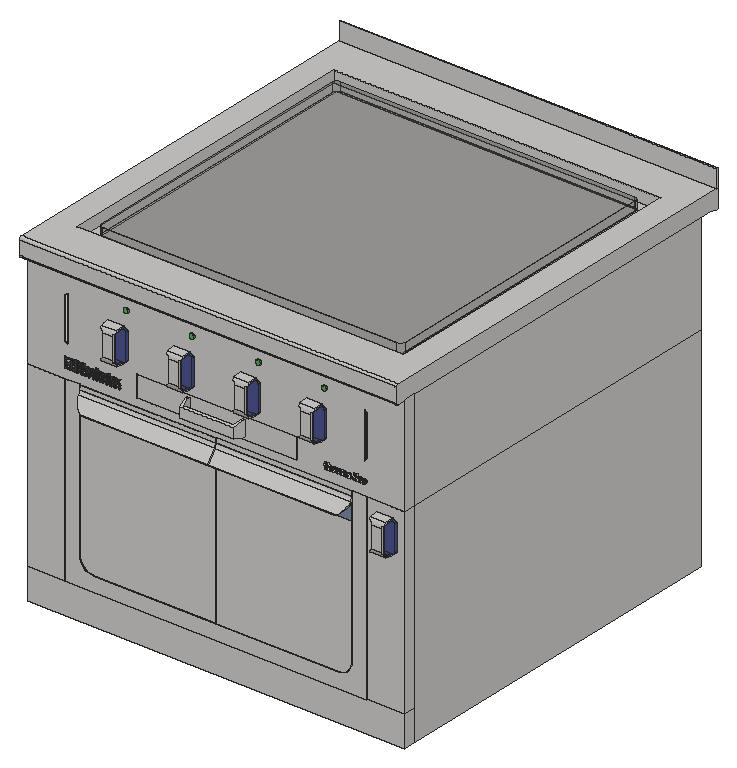
Revit family "QF_ELECTROLUXPROFESSIONAL_588705_MBLQGBH4AO", category Attrezzature speciali, Revit 2020 (continued)
Definition of nested family "Front_Panel_W800_Four Knobs_Spie"
  Definition of nested family "ELX_Professional_Logo_Small"
    Forms (mm)
      Extrusion 2, solid, material <- "Material_Logo"
        sketch origin (15.5, 0, 0) x (1, 0, 0) y (0, 1, 0)
          loop
            line (-38.334, -6.778) -> (-39.241, -6.778) -> (-39.241, -8.166) -> (-38.402, -8.166)
          loop
            circle (-29.965, -8.325) r 2.585
          loop
            circle (-29.965, -8.325) r 1.64
          loop
            line (-23.1, -5.837) -> (-23.1, -10.814) -> (-22.076, -10.814) -> (-22.076, -8.768) -> (-20.204, -8.768) -> (-20.204, -7.828) -> (-22.076, -7.828) -> (-22.076, -6.778) -> (-20.024, -6.778) -> (-20.024, -5.837) -> (-23.1, -5.837)
          loop
            line (-15.802, -5.837) -> (-15.802, -9.2)
            arc (-15.802, -9.2) -> (-15.343, -10.34) -> (-14.209, -10.814) r 1.593
            line (-14.209, -10.814) -> (-12.602, -10.814) -> (-12.602, -10.027) -> (-14.004, -10.027)
            arc (-14.004, -10.027) -> (-14.552, -9.8) -> (-14.779, -9.252) r 0.775
            line (-14.779, -9.252) -> (-14.779, -8.424) -> (-12.789, -8.424) -> (-12.789, -7.642) -> (-14.779, -7.642) -> (-14.779, -6.778) -> (-12.651, -6.778) -> (-12.651, -5.837) -> (-15.802, -5.837)
          loop
            line (-5.909, -7.143) -> (-5.173, -6.638)
            arc (-5.173, -6.638) -> (-5.855, -5.974) -> (-6.781, -5.755) r 1.782
            arc (-6.781, -5.755) -> (-7.397, -5.878) -> (-7.944, -6.189) r 1.974
            arc (-7.944, -6.189) -> (-8.202, -6.5) -> (-8.317, -6.888) r 1.013
            arc (-8.317, -6.888) -> (-8.306, -7.341) -> (-8.192, -7.78) r 1.985
            arc (-8.192, -7.78) -> (-7.749, -8.259) -> (-7.171, -8.563) r 1.928
            arc (-7.171, -8.563) -> (-6.637, -8.779) -> (-6.131, -9.056) r 5.041
            arc (-6.131, -9.056) -> (-5.934, -9.387) -> (-6.09, -9.74) r 0.42
            arc (-6.09, -9.74) -> (-6.631, -9.96) -> (-7.204, -9.845) r 1.016
            arc (-7.204, -9.845) -> (-7.625, -9.603) -> (-7.889, -9.196) r 1.033
            line (-7.889, -9.196) -> (-8.67, -9.686)
            arc (-8.67, -9.686) -> (-8.361, -10.198) -> (-7.908, -10.589) r 1.914
            arc (-7.908, -10.589) -> (-7.334, -10.834) -> (-6.714, -10.896) r 2.063
            arc (-6.714, -10.896) -> (-5.947, -10.743) -> (-5.256, -10.376) r 2.696
            arc (-5.256, -10.376) -> (-4.95, -9.565) -> (-5.108, -8.712) r 1.618
            arc (-5.108, -8.712) -> (-5.448, -8.319) -> (-5.884, -8.035) r 1.876
            arc (-5.884, -8.035) -> (-6.434, -7.789) -> (-6.999, -7.577) r 9.883
            arc (-6.999, -7.577) -> (-7.325, -7.07) -> (-6.854, -6.694) r 0.45
            arc (-6.854, -6.694) -> (-6.329, -6.809) -> (-5.909, -7.143) r 1.197
          loop
            line (1.61, -7.143) -> (2.345, -6.638)
            arc (2.345, -6.638) -> (1.663, -5.974) -> (0.737, -5.755) r 1.782
            arc (0.737, -5.755) -> (0.121, -5.878) -> (-0.425, -6.189) r 1.974
            arc (-0.425, -6.189) -> (-0.683, -6.5) -> (-0.799, -6.888) r 1.013
            arc (-0.799, -6.888) -> (-0.788, -7.341) -> (-0.674, -7.78) r 1.985
            arc (-0.674, -7.78) -> (-0.231, -8.259) -> (0.347, -8.563) r 1.928
            arc (0.347, -8.563) -> (0.881, -8.779) -> (1.387, -9.056) r 5.041
            arc (1.387, -9.056) -> (1.584, -9.387) -> (1.428, -9.74) r 0.42
            arc (1.428, -9.74) -> (0.887, -9.96) -> (0.314, -9.845) r 1.016
            arc (0.314, -9.845) -> (-0.107, -9.603) -> (-0.371, -9.196) r 1.033
            line (-0.371, -9.196) -> (-1.152, -9.686)
            arc (-1.152, -9.686) -> (-0.842, -10.198) -> (-0.39, -10.589) r 1.914
            arc (-0.39, -10.589) -> (0.184, -10.834) -> (0.804, -10.896) r 2.063
            arc (0.804, -10.896) -> (1.572, -10.743) -> (2.263, -10.376) r 2.696
            arc (2.263, -10.376) -> (2.568, -9.565) -> (2.411, -8.712) r 1.618
            arc (2.411, -8.712) -> (2.07, -8.319) -> (1.635, -8.035) r 1.876
            arc (1.635, -8.035) -> (1.084, -7.789) -> (0.519, -7.577) r 9.883
            arc (0.519, -7.577) -> (0.193, -7.07) -> (0.665, -6.694) r 0.45
            arc (0.665, -6.694) -> (1.189, -6.809) -> (1.61, -7.143) r 1.197
          loop
            line (6.801, -5.837) -> (6.801, -10.814) -> (7.825, -10.814) -> (7.825, -5.837) -> (6.801, -5.837)
          loop
            circle (14.724, -8.325) r 1.548
          loop
            circle (14.724, -8.325) r 2.585
          loop
            line (21.59, -10.814) -> (22.623, -10.814) -> (22.623, -7.685) -> (24.9, -10.814) -> (25.895, -10.814) -> (25.895, -5.837) -> (24.861, -5.837) -> (24.861, -9.061) -> (22.585, -5.837) -> (21.59, -5.837) -> (21.59, -10.814)
          loop
            line (31.054, -10.814) -> (31.539, -9.74) -> (33.38, -9.74) -> (33.865, -10.814) -> (34.965, -10.814) -> (32.46, -5.837) -> (29.956, -10.814) -> (31.054, -10.814)
          loop
            line (32.46, -7.698) -> (31.999, -8.719) -> (32.921, -8.719) -> (32.46, -7.698)
          loop
            line (40.047, -9.873) -> (40.047, -5.837) -> (39.024, -5.837) -> (39.024, -10.814) -> (41.961, -10.814) -> (41.961, -9.873) -> (40.047, -9.873)
          loop
            line (-74.986, -10.814) -> (-53.322, -10.814) -> (-53.322, 10.82) -> (-74.986, 10.82) -> (-74.986, -10.814)
          loop
            line (-61.261, 9.758) -> (-61.261, -9.707)
            arc (-61.261, -9.707) -> (-54.066, 0.025) -> (-61.261, 9.758) r 10.18
          loop
            line (-62.251, 8.349) -> (-62.251, 9.758)
            arc (-62.251, 9.758) -> (-70.347, 7.918) -> (-74.247, 0.59) r 9.976
            line (-74.247, 0.59) -> (-71.026, 0.59)
            arc (-71.026, 0.59) -> (-65.274, 2.925) -> (-62.251, 8.349) r 9.351
          loop
            arc (-74.247, -0.539) -> (-70.353, -7.928) -> (-62.251, -9.957) r 10.237
            line (-62.251, -9.957) -> (-62.251, -8.298)
            arc (-62.251, -8.298) -> (-65.274, -2.874) -> (-71.026, -0.539) r 9.351
            line (-71.026, -0.539) -> (-74.247, -0.539)
        from 0 to 1.644
    Dimensions and locks
      aligned and locked: plane 2 to Extrusion 1
      aligned and locked: level to Extrusion 1
Definition of nested family "H450H2_2DOOR"
  Parameters
    Width [instance] = 580 mm
    Wdoor [instance] = Width / 2  # 290 mm
    Show Clearance [instance] = yes
    Model = "727995"
    Height = 450 mm
    Default Elevation = 0 mm
  Reference planes
    plane 1 "Center (Front/Back)": y = 0
    plane 2: z = 0
    plane 3 "Center (Left/Right)": x = 36.042
    plane 4 "panel": z = 25
    plane 5: x = -253.958
    plane 6: x = 326.042
    plane 7: y = 450
    plane 8: z = 290
    plane 9: z = 45
  Forms (mm)
    Extrusion 1, solid
      sketch origin (0, -919.2, 0) x (1, 0, 0) y (0, 1, 0)
        loop
          line (-980.5, 2119.2) -> (-980.5, -162.846) -> (881.94, -162.846) -> (881.94, 2119.2) -> (-980.5, 2119.2)
      from 0 to -59.546
    Extrusion 2, solid
      sketch origin (0, 0, 0) x (1, 0, 0) y (0, 1, 0)
        loop
          line (324.042, 393) -> (37.042, 393) -> (37.042, 97) -> (294.042, 97)
          arc (294.042, 97) -> (315.255, 105.787) -> (324.042, 127) r 30
          line (324.042, 127) -> (324.042, 393)
        loop
          arc (-251.958, 127) -> (-243.171, 105.787) -> (-221.958, 97) r 30
          line (-221.958, 97) -> (35.042, 97) -> (35.042, 393) -> (-251.958, 393) -> (-251.958, 127)
      from 0 to 25
    Extrusion 3, solid
      sketch origin (0, 0, 0) x (1, 0, 0) y (0, 1, 0)
        loop
          line (-251.958, 393) -> (35.042, 393) -> (35.042, 440) -> (-251.958, 440) -> (-251.958, 393)
        loop
          line (37.042, 440) -> (37.042, 393) -> (324.042, 393) -> (324.042, 440) -> (37.042, 440)
      from 0 to 25
    Extrusion 4, solid
      sketch origin (5.581, 79.805, 0) x (1, 0, 0) y (0, 1, 0)
        loop
          line (-257.539, 360.195) -> (29.461, 360.195) -> (29.461, 370.195) -> (-257.539, 370.195) -> (-257.539, 360.195)
        loop
          line (31.461, 370.195) -> (31.461, 360.195) -> (318.461, 360.195) -> (318.461, 370.195) -> (31.461, 370.195)
      from 0 to 25
    Extrusion 5, solid
      sketch origin (36.042, 0, 0) x (0, 1, 0) y (0, 0, 1)
        loop
          line (426.693, 25) -> (440.02, 25)
          arc (440.02, 25) -> (435.261, 25.775) -> (430.993, 28.02) r 15
          line (430.993, 28.02) -> (406.653, 46.362) -> (403.644, 42.369) -> (426.693, 25)
      from 1 to 288
    Extrusion 6, solid
      sketch origin (36.042, 0, 0) x (0, 1, 0) y (0, 0, 1)
        loop
          line (426.693, 25) -> (440.02, 25)
          arc (440.02, 25) -> (435.261, 25.775) -> (430.993, 28.02) r 15
          line (430.993, 28.02) -> (406.653, 46.362) -> (403.644, 42.369) -> (426.693, 25)
      from -288 to -1
    Extrusion 7, void
      sketch origin (0, 0, 0) x (1, 0, 0) y (0, 1, 0)
        loop
          arc (324.042, 426.693) -> (314.508, 412.772) -> (300.317, 403.644) r 42.603
          line (300.317, 403.644) -> (324.042, 403.644) -> (324.042, 426.693)
      from 0 to 47.9
    Extrusion 8, void
      sketch origin (72.084, 0, 0) x (-1, 0, 0) y (0, -1, 0)
        loop
          line (324.042, -426.693) -> (324.042, -403.644) -> (300.317, -403.644)
          arc (300.317, -403.644) -> (314.508, -412.772) -> (324.042, -426.693) r 42.603
      from 0 to 47.9
    Extrusion 9, solid, detail levels coarse
      sketch origin (0, 0, 0) x (1, 0, 0) y (0, 0, 1)
        loop
          arc (36.042, 25) -> (-41.575, 212.383) -> (-228.958, 290) r 265
          line (-228.958, 290) -> (-228.958, 25) -> (36.042, 25)
      from -450 to -97
    Extrusion 10, solid, detail levels coarse
      sketch origin (0, 0, 0) x (1, 0, 0) y (0, 0, 1)
        loop
          arc (301.042, 290) -> (113.659, 212.383) -> (36.042, 25) r 265
          line (36.042, 25) -> (301.042, 25) -> (301.042, 290)
      from -450 to -97
  Cuts and joins
    Extrusion 8 cuts Extrusion 6
    Extrusion 7 cuts Extrusion 5
  Lines and regions (mm)
    symbolic lines
      curve 1: line (326.042, 0, 45) -> (326.042, 0, 290)
      curve 2: line (301.042, 0, 45) -> (301.042, 0, 290)
      curve 3: line (326.042, 0, 290) -> (301.042, 0, 290)
      curve 4: line (-253.958, 0, 45) -> (-253.958, 0, 290)
      curve 5: line (-228.958, 0, 45) -> (-228.958, 0, 290)
      curve 6: line (-253.958, 0, 290) -> (-228.958, 0, 290)
      curve 7: arc (301.042, 0, 290) -> (120.901, 0, 219.356) -> (36.804, 0, 45.088) r 265
      curve 8: arc (35.286, 0, 44.997) -> (-48.783, 0, 219.325) -> (-228.958, 0, 290) r 265
  Dimensions and locks
    plane 4 "panel" to level = 25 mm
    "Width": plane 5 to plane 6
    equal spacing: plane 5, plane 3 "Center (Left/Right)", plane 6
    "Height": plane 1 "Center (Front/Back)" to plane 7
    locked: plane 5 to Extrusion 2 sketch curve at 2
    locked: Extrusion 2 sketch curve to plane 6 at 2
    locked: plane 1 "Center (Front/Back)" to Extrusion 2 sketch curve at 97
    locked: plane 7 to Extrusion 2 sketch curve at 57
    locked: Extrusion 2 sketch curve to plane 3 "Center (Left/Right)" at 1
    locked: plane 3 "Center (Left/Right)" to Extrusion 2 sketch curve at 1
    Extrusion 3 sketch curve to Extrusion 2 = 47 mm
    "Wdoor": plane 8 to level
    locked: curve 2 to curve 1 at 25
    locked: curve 5 to curve 4 at 25
    plane 4 "panel" to plane 9 = 20 mm
    aligned and locked: plane 2 to Extrusion 1
    aligned and locked: level to Extrusion 1
    aligned and locked: plane 4 "panel" to Extrusion 2
    aligned and locked: Extrusion 2 to Extrusion 3 sketch curve
    aligned and locked: Extrusion 3 sketch curve to Extrusion 2  (x2)
    aligned and locked: Extrusion 3 sketch curve to Extrusion 3 sketch curve
    aligned and locked: plane 4 "panel" to Extrusion 3
    aligned and locked: Extrusion 4 sketch curve to Extrusion 4 sketch curve
    aligned and locked: Extrusion 4 sketch curve to Extrusion 3  (x3)
    aligned and locked: Extrusion 3 to Extrusion 4 sketch curve
    aligned and locked: Extrusion 4 sketch curve to plane 7
    aligned and locked: Extrusion 3 to Extrusion 5
    aligned and locked: Extrusion 5 to Extrusion 3
    aligned and locked: Extrusion 6 to Extrusion 3
    aligned and locked: Extrusion 3 to Extrusion 6
    aligned and locked: Extrusion 7 sketch curve to Extrusion 5
    aligned and locked: Extrusion 8 to Extrusion 6
    aligned and locked: Extrusion 4 to Extrusion 8
    aligned and locked: Extrusion 2 to Extrusion 7
    aligned and locked: Extrusion 7 to Extrusion 5
    aligned and locked: Extrusion 4 to Extrusion 3  (x2)
    aligned and locked: Extrusion 3 to Extrusion 2
    aligned and locked: Extrusion 4 to Extrusion 2
    aligned and locked: curve 3 to plane 8
    aligned and locked: curve 1 to plane 6
    aligned and locked: curve 4 to plane 5
    aligned and locked: Extrusion 9 sketch curve to plane 4 "panel"
    aligned and locked: Extrusion 10 sketch curve to curve 7
    aligned and locked: Extrusion 10 sketch curve to curve 2
    aligned and locked: Extrusion 2 to Extrusion 9
    aligned and locked: Extrusion 2 to Extrusion 10
    aligned and locked: plane 7 to Extrusion 9
    aligned and locked: Extrusion 3 to Extrusion 4
  Automatic sketch dimensions
    Extrusion 1 sketch curve to Extrusion 1 sketch curve = 1862.44 mm
    Extrusion 1 sketch curve to Extrusion 1 sketch curve = 2282.046 mm
    Extrusion 2 sketch curve to Extrusion 2 sketch curve = 30 mm  (x2)
    Extrusion 2 sketch curve to plane 1 "Center (Front/Back)" = 97 mm
    Extrusion 2 sketch curve to Extrusion 2 sketch curve = 0 mm
    Extrusion 3 sketch curve to plane 3 "Center (Left/Right)" = 1 mm
    plane 5 to Extrusion 3 sketch curve = 2 mm
    Extrusion 3 sketch curve to Extrusion 3 sketch curve = 0 mm
    Extrusion 5 sketch curve to plane 4 "panel" = 0 mm
    plane 4 "panel" to Extrusion 5 sketch curve = 17.369 mm
    Extrusion 5 sketch curve to plane 7 = 46.356 mm
    plane 4 "panel" to Extrusion 5 sketch curve = 21.362 mm
    Extrusion 5 sketch curve to Extrusion 5 sketch curve = 3.009 mm
    plane 4 "panel" to Extrusion 5 sketch curve = 3.02 mm
    Extrusion 5 sketch curve to Extrusion 5 sketch curve = 9.027 mm
    Extrusion 6 sketch curve to plane 4 "panel" = 0 mm
    plane 4 "panel" to Extrusion 6 sketch curve = 17.369 mm
    Extrusion 6 sketch curve to plane 7 = 46.356 mm
    plane 4 "panel" to Extrusion 6 sketch curve = 21.362 mm
    Extrusion 6 sketch curve to Extrusion 6 sketch curve = 3.009 mm
    plane 4 "panel" to Extrusion 6 sketch curve = 3.02 mm
    Extrusion 6 sketch curve to Extrusion 6 sketch curve = 9.027 mm
    Extrusion 7 sketch curve to Extrusion 7 sketch curve = 23.725 mm
    Extrusion 7 sketch curve to plane 7 = 6.671 mm
    Extrusion 7 sketch curve to plane 6 = 41.221 mm
    Extrusion 7 sketch curve to plane 7 = 23.307 mm
    plane 7 to Extrusion 8 sketch curve = 6.671 mm
    Extrusion 8 sketch curve to plane 5 = 41.221 mm
    Extrusion 8 sketch curve to plane 5 = 25.725 mm
    Extrusion 8 sketch curve to plane 5 = 2 mm
    plane 7 to Extrusion 8 sketch curve = 23.307 mm
    Extrusion 4 sketch curve to Extrusion 4 sketch curve = 10 mm
    Extrusion 4 sketch curve to plane 7 = 10 mm
    curve 2 to plane 9 = 0 mm
    curve 5 to plane 9 = 0 mm
    curve 4 to plane 9 = 0 mm
    curve 1 to plane 9 = 0 mm
    curve 8 to plane 4 "panel" = 0 mm
    curve 5 to plane 8 = 0 mm
    curve 8 to plane 9 = 0.003 mm
    curve 7 to plane 4 "panel" = 0 mm
    plane 9 to curve 7 = 0.088 mm
Definition of nested family "Warm"
  Reference planes
    plane 1 "Center (Front/Back)": y = 0
    plane 2: z = 0
    plane 3 "Center (Left/Right)": x = 0
  Lines and regions (mm)
    detail lines, in view "Ref. Level"
      curve 1: circle (-165.742, 180.331, 0) r 45 normal (0, 0, 1)
      curve 2: line (-165.742, 125.331, 0) -> (-165.742, 80.331, 0)
      curve 3: line (-165.742, 235.331, 0) -> (-165.742, 280.331, 0)
      curve 4: line (-105.742, 180.331, 0) -> (-65.742, 180.331, 0)
      curve 5: line (-220.742, 180.331, 0) -> (-265.742, 180.331, 0)
      curve 6: line (-126.851, 141.44, 0) -> (-95.031, 109.62, 0)
      curve 7: line (-204.632, 219.221, 0) -> (-236.452, 251.041, 0)
      curve 8: line (-126.851, 219.221, 0) -> (-95.031, 251.041, 0)
      curve 9: line (-204.632, 141.44, 0) -> (-236.452, 109.62, 0)
